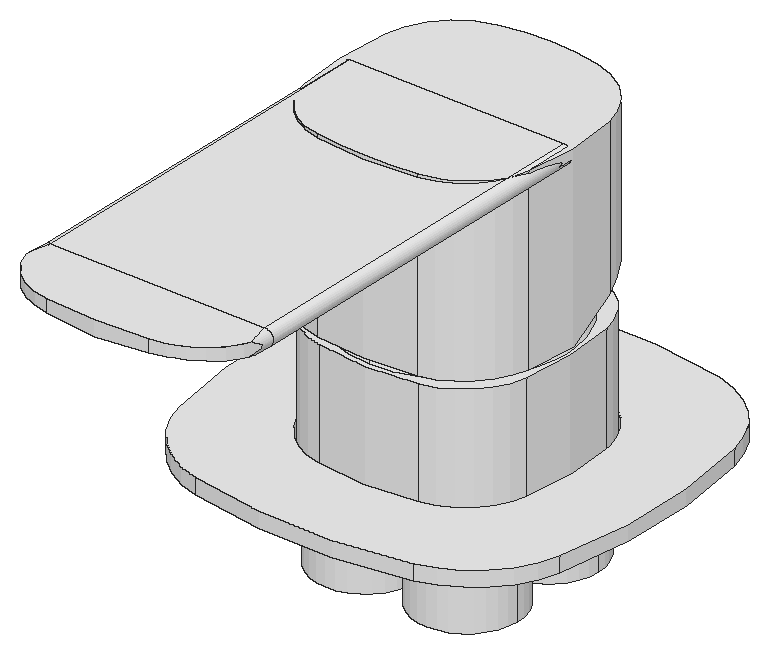
Revit family "Mixer-Bath Shower-Caroma Contura1", category Plumbing Fixtures, host Face, Revit 2014
Parameters (values of type "Standard")
  Width_ANZRS = 62 mm  # constant formula
  Waste Connection = no
  WELSRating_ANZRS = ""
  Vent Connection = no
  URL = "http://specify.caroma.com.au"
  Type Comments = "Caroma Contura Bath/Shower Mixer"  # constant formula
  ModifiedIssue_ANZRS = 20151016.01  # constant formula
  Model = "99585C"  # constant formula
  Material_ANZRS = Metal-Chrome-Caroma
  Manufacturer = "GWA Bathrooms & Kitchens"  # constant formula
  Length_ANZRS = 80 mm  # constant formula
  Height_ANZRS = 130 mm  # constant formula
  HWFU = 3
  HW Connection = yes
  Description = ""
  Default Elevation = 1000 mm
  CreatedBy_ANZRS = "Design Content"  # constant formula
  CreatedByURL_ANZRS = "http://www.designcontent.com.au"
  Cost = 0
  Connector Radius = 10 mm
  CWFU = 3
  CW Connection = yes
  Assembly Code = "C1030210"
Reference planes
  plane 1 "Center (Front/Back)": y = 0
  plane 2: z = 0
  plane 3 "Center (Left/Right)": x = 0
  plane 4 "Left": x = -40
  plane 5 "Right": x = 40
  plane 6 "Top": y = 40.003
  plane 7 "Bottom": y = -89.997
Forms (mm)
  Extrusion 1, solid, material "Metal-Chrome-Caroma" <- "Material_ANZRS"
    sketch origin (17.071, -2.929, 0) x (1, 0, 0) y (0, 1, 0)
      loop
        circle (-7.071, -7.071) r 10
    from -20 to 0
  Extrusion 2, solid, material "Metal-Chrome-Caroma" <- "Material_ANZRS"
    sketch origin (-17.071, -17.071, 0) x (-1, 0, 0) y (0, -1, 0)
      loop
        circle (-7.071, -7.071) r 10
    from -20 to 0
  Extrusion 3, solid, material "Metal-Chrome-Caroma" <- "Material_ANZRS"
    sketch origin (2.929, 2.929, 0) x (-1, 0, 0) y (0, -1, 0)
      loop
        circle (-7.071, -7.071) r 10
    from -20 to 0
  Revolve 4, solid, material "Metal-Chrome-Caroma" <- "Material_ANZRS"
    sketch origin (0, 0, -10.3) x (0, 1, 0) y (0, 0, 1)
      loop
        line (16.053, 45.11) -> (0, 45.11) -> (0, 34.03) -> (21.63, 34.03)
        arc (21.63, 34.03) -> (19.155, 39.728) -> (16.053, 45.11) r 54.999
      axis (0, 45.11) -> (0, 34.03)
    angle from 0 to 360
  Extrusion 5, solid, material "Metal-Chrome-Caroma" <- "Material_ANZRS"
    sketch origin (0, 0, 0) x (1, 0, 0) y (0, 1, 0)
      loop
        arc (-22.136, 9.962) -> (-23, 0) -> (-22.136, -9.962) r 57.891
        arc (-22.136, -9.962) -> (-17.939, -18.015) -> (-9.865, -22.171) r 15
        arc (-9.865, -22.171) -> (0, -23) -> (9.865, -22.171) r 59.077
        arc (9.865, -22.171) -> (17.939, -18.015) -> (22.136, -9.962) r 15
        arc (22.136, -9.962) -> (23, 0) -> (22.136, 9.962) r 57.891
        arc (22.136, 9.962) -> (17.939, 18.015) -> (9.865, 22.171) r 15
        arc (9.865, 22.171) -> (0, 23) -> (-9.865, 22.171) r 59.077
        arc (-9.865, 22.171) -> (-17.939, 18.015) -> (-22.136, 9.962) r 15
      loop
        arc (-37.644, -21.581) -> (-31.962, -31.949) -> (-21.598, -37.637) r 21.113
        arc (-21.598, -37.637) -> (0, -40.003) -> (21.598, -37.637) r 99.771
        arc (21.598, -37.637) -> (31.962, -31.949) -> (37.644, -21.581) r 21.113
        arc (37.644, -21.581) -> (40, 0) -> (37.644, 21.581) r 100
        arc (37.644, 21.581) -> (31.962, 31.949) -> (21.598, 37.637) r 21.113
        arc (21.598, 37.637) -> (0, 40.003) -> (-21.598, 37.637) r 99.771
        arc (-21.598, 37.637) -> (-31.962, 31.949) -> (-37.644, 21.581) r 21.113
        arc (-37.644, 21.581) -> (-40, 0) -> (-37.644, -21.581) r 100
    from 0 to 3
  Revolve 6, solid, material "Metal-Chrome-Caroma" <- "Material_ANZRS", detail levels fine
    sketch origin (0, 0, -10.3) x (0, 1, 0) y (0, 0, 1)
      loop
        line (23.752, 57.199) -> (22.871, 57.199) -> (22.871, 53.73) -> (24.656, 53.73)
        arc (24.656, 53.73) -> (24.426, 55.522) -> (23.752, 57.199) r 7.111
      axis (24.656, 53.73) -> (22.871, 53.73)
    angle from 0 to 360
  Extrusion 7, solid, material "Metal-Chrome-Caroma" <- "Material_ANZRS"
    sketch origin (0, 0, 0) x (1, 0, 0) y (0, 1, 0)
      loop
        arc (-21.644, 9.876) -> (-22.5, 0) -> (-21.644, -9.876) r 57.391
        arc (-21.644, -9.876) -> (-17.587, -17.661) -> (-9.781, -21.678) r 14.5
        arc (-9.781, -21.678) -> (0, -22.5) -> (9.781, -21.678) r 58.577
        arc (9.781, -21.678) -> (17.587, -17.661) -> (21.644, -9.876) r 14.5
        arc (21.644, -9.876) -> (22.5, 0) -> (21.644, 9.876) r 57.391
        arc (21.644, 9.876) -> (17.587, 17.661) -> (9.781, 21.678) r 14.5
        arc (9.781, 21.678) -> (0, 22.5) -> (-9.781, 21.678) r 58.577
        arc (-9.781, 21.678) -> (-17.587, 17.661) -> (-21.644, 9.876) r 14.5
    from 0 to 23.73
  Extrusion 8, solid, material "Metal-Chrome-Caroma" <- "Material_ANZRS"
    sketch origin (0, 0, 0) x (1, 0, 0) y (0, 1, 0)
      loop
        arc (-22.136, 9.962) -> (-23, 0) -> (-22.136, -9.962) r 57.891
        arc (-22.136, -9.962) -> (-17.939, -18.015) -> (-9.865, -22.171) r 15
        arc (-9.865, -22.171) -> (0, -23) -> (9.865, -22.171) r 59.077
        arc (9.865, -22.171) -> (17.939, -18.015) -> (22.136, -9.962) r 15
        arc (22.136, -9.962) -> (23, 0) -> (22.136, 9.962) r 57.891
        arc (22.136, 9.962) -> (17.939, 18.015) -> (9.865, 22.171) r 15
        arc (9.865, 22.171) -> (0, 23) -> (-9.865, 22.171) r 59.077
        arc (-9.865, 22.171) -> (-17.939, 18.015) -> (-22.136, 9.962) r 15
    from 25.43 to 61.428
  Extrusion 9, void
    sketch origin (0, 0, -10.3) x (0, 1, 0) y (0, 0, 1)
      loop
        line (-2.049, 34.775) -> (25.132, 34.775) -> (25.132, 47.448) -> (-2.049, 34.775)
    from -50 to 50
  Sweep 10, solid, material "Metal-Chrome-Caroma" <- "Material_ANZRS"
    path origin (0, 0, -10.3) x (0, 1, 0) y (0, 0, 1)
      loop
        line (0, 64.73) -> (-74.001, 64.73)
        arc (-74.001, 64.73) -> (-84.022, 66.331) -> (-93.045, 70.976) r 32.157
    profile origin (0, -74.001, 54.43) x (0, 0, -1) y (1, 0, 0)
      loop
        arc (-2.892, -21.508) -> (0, 0) -> (-2.892, 21.508) r 81.419
        arc (-2.892, 21.508) -> (-4.697, 22.75) -> (-6.227, 21.182) r 1.7
        arc (-6.227, 21.182) -> (-6.998, 0) -> (-6.227, -21.182) r 291.282
        arc (-6.227, -21.182) -> (-4.697, -22.75) -> (-2.892, -21.508) r 1.7
  Extrusion 11, void
    sketch origin (0, 0, -10.3) x (1, 0, 0) y (0, 0, 1)
      loop
        arc (-26.43, 70.527) -> (0, 71.728) -> (26.43, 70.527) r 291.282
        line (26.43, 70.527) -> (26.43, 78.734) -> (-26.43, 78.734) -> (-26.43, 70.527)
    from 95.997 to -28.878
  Extrusion 12, void
    sketch origin (0, 0, 0) x (1, 0, 0) y (0, 1, 0)
      loop
        arc (-10.009, -88.858) -> (-19.272, -83.893) -> (-22.999, -74.065) r 14.99
        line (-22.999, -74.065) -> (-27.999, -74.065) -> (-27.999, -95.512) -> (27.999, -95.512) -> (27.999, -74.065) -> (22.999, -74.065)
        arc (22.999, -74.065) -> (19.272, -83.893) -> (10.009, -88.858) r 14.99
        arc (10.009, -88.858) -> (0, -89.529) -> (-10.009, -88.858) r 75.017
    from 50 to 80
Cuts and joins
  Extrusion 9, Extrusion 11 cuts Extrusion 8
  joined: Revolve 4, Extrusion 5, Extrusion 7, Extrusion 8
  Extrusion 11, Extrusion 12 cuts Sweep 10
Lines and regions (mm)
  Masking region 1
    outline origin (0, 0, 0) x (1, 0, 0) y (0, 1, 0)
      loop
        line (-23, -37.275) -> (-23, -73.993)
        arc (-23, -73.993) -> (-19.291, -83.868) -> (-9.999, -88.859) r 15
        arc (-9.999, -88.859) -> (0, -89.529) -> (9.999, -88.859) r 75.017
        arc (9.999, -88.859) -> (19.291, -83.868) -> (23, -73.993) r 15
        line (23, -73.993) -> (23, -37.275)
        arc (23, -37.275) -> (32.465, -31.428) -> (37.644, -21.581) r 21.113
        arc (37.644, -21.581) -> (40, 0) -> (37.644, 21.581) r 100
        arc (37.644, 21.581) -> (31.962, 31.949) -> (21.598, 37.637) r 21.113
        arc (21.598, 37.637) -> (0, 40.003) -> (-21.598, 37.637) r 99.771
        arc (-21.598, 37.637) -> (-31.962, 31.949) -> (-37.644, 21.581) r 21.113
        arc (-37.644, 21.581) -> (-40, 0) -> (-37.644, -21.581) r 100
        arc (-37.644, -21.581) -> (-32.465, -31.428) -> (-23, -37.275) r 21.113
  Masking region 2
    outline origin (0, 0, 0) x (0, 1, 0) y (0, 0, 1)
      loop
        line (40.003, 0) -> (40.003, 3) -> (22.5, 3) -> (22.5, 23.73) -> (21.63, 23.73)
        arc (21.63, 23.73) -> (19.534, 28.648) -> (17.027, 33.369) r 62.531
        line (17.027, 33.369) -> (23, 36.154) -> (23, 60.428)
        arc (23, 60.428) -> (22.707, 61.136) -> (22, 61.428) r 1
        line (22, 61.428) -> (-88.531, 61.428)
        arc (-88.531, 61.428) -> (-89.238, 61.136) -> (-89.531, 60.428) r 1
        line (-89.531, 60.428) -> (-89.531, 59.028)
        arc (-89.531, 59.028) -> (-89.387, 58.513) -> (-88.999, 58.145) r 1
        arc (-88.999, 58.145) -> (-81.76, 55.373) -> (-74.067, 54.43) r 31.871
        line (-74.067, 54.43) -> (-28, 54.43)
        arc (-28, 54.43) -> (-24.464, 52.966) -> (-23, 49.43) r 5
        line (-23, 49.43) -> (-23, 25.43) -> (-20.961, 25.43)
        arc (-20.961, 25.43) -> (-21.302, 24.582) -> (-21.63, 23.73) r 62.531
        line (-21.63, 23.73) -> (-22.5, 23.73) -> (-22.5, 3) -> (-40.003, 3) -> (-40.003, 0) -> (40.003, 0)
  Masking region 3
    outline origin (0, 0, 0) x (1, 0, 0) y (0, 0, 1)
      loop
        line (-40, 0) -> (40, 0) -> (40, 3) -> (22.5, 3) -> (22.5, 23.73) -> (21.644, 23.73)
        arc (21.644, 23.73) -> (21.322, 24.586) -> (20.971, 25.43) r 26.93
        line (20.971, 25.43) -> (23, 25.43) -> (23, 59.594)
        arc (23, 59.594) -> (22.733, 60.273) -> (22.076, 60.591) r 1
        arc (22.076, 60.591) -> (0, 61.428) -> (-22.076, 60.591) r 291.282
        arc (-22.076, 60.591) -> (-22.733, 60.273) -> (-23, 59.594) r 1
        line (-23, 59.594) -> (-23, 25.43) -> (-20.971, 25.43)
        arc (-20.971, 25.43) -> (-21.322, 24.586) -> (-21.644, 23.73) r 26.93
        line (-21.644, 23.73) -> (-22.5, 23.73) -> (-22.5, 3) -> (-40, 3) -> (-40, 0)
  symbolic lines, style "Taps/Mixers"
    curve 1: arc (9.865, 22.171, 0) -> (0, 23, 0) -> (-9.865, 22.171, 0) r 59.077
    curve 2: arc (-9.865, 22.171, 0) -> (-17.939, 18.015, 0) -> (-22.136, 9.962, 0) r 15
    curve 3: arc (-22.136, 9.962, 0) -> (-22.784, 5, 0) -> (-23, 0, 0) r 57.891
    curve 4: arc (23, 0, 0) -> (22.784, 5, 0) -> (22.136, 9.962, 0) r 57.891
    curve 5: arc (22.136, 9.962, 0) -> (17.939, 18.015, 0) -> (9.865, 22.171, 0) r 15
    curve 6: arc (9.999, -88.859, 0) -> (0, -89.529, 0) -> (-9.999, -88.859, 0) r 75.017
    curve 7: line (-23, 0, 0) -> (-23, -73.993, 0)
    curve 8: arc (-23, -73.993, 0) -> (-19.291, -83.868, 0) -> (-9.999, -88.859, 0) r 15
    curve 9: line (23, 0, 0) -> (23, -73.993, 0)
    curve 10: arc (23, -73.993, 0) -> (19.291, -83.868, 0) -> (9.999, -88.859, 0) r 15
    curve 11: line (0, -75.995, 58.034) -> (0, -0.995, 58.034)
    curve 12: arc (0, -88.858, 58.766) -> (0, -82.437, 58.217) -> (0, -75.995, 58.034) r 113.389
    curve 13: line (0, 23, 36.154) -> (0, 0, 25.43)
    curve 14: line (0, -23, 25.43) -> (0, 0, 25.43)
    curve 15: line (0, 22.5, 23.73) -> (0, -22.5, 23.73)
    curve 16: line (0, 40.003, 3) -> (0, -37.637, 3)
    curve 17: line (21.63, 0, 23.73) -> (-13.962, 0, 23.73)
    curve 18: line (-21.63, 0, 23.73) -> (-13.962, 0, 23.73)
    curve 19: spline (23, 0, 25.43) -> (22.993, 0, 25.844) -> (22.973, 0, 26.257) -> (22.939, 0, 26.671) -> (22.891, 0, 27.084) -> (22.83, 0, 27.497) -> (22.755, 0, 27.91) -> (22.667, 0, 28.322) -> (22.565, 0, 28.733) -> (22.449, 0, 29.144) -> (22.32, 0, 29.554) -> (22.178, 0, 29.963) -> (22.022, 0, 30.372)
    curve 20: spline (22.003, 0, 30.364) -> (21.682, 0, 30.986) -> (21.224, 0, 31.592) -> (20.631, 0, 32.177) -> (19.909, 0, 32.735) -> (19.065, 0, 33.262) -> (18.107, 0, 33.753) -> (17.043, 0, 34.203) -> (15.882, 0, 34.608) -> (14.635, 0, 34.965) -> (13.314, 0, 35.27) -> (11.931, 0, 35.521) -> (10.497, 0, 35.715)
    curve 21: spline (10.497, 0, 35.715) -> (8.765, 0, 35.849) -> (7.023, 0, 35.958) -> (5.274, 0, 36.044) -> (3.519, 0, 36.105) -> (1.761, 0, 36.141) -> (0, 0, 36.154) -> (-1.761, 0, 36.141) -> (-3.519, 0, 36.105) -> (-5.274, 0, 36.044) -> (-7.023, 0, 35.958) -> (-8.765, 0, 35.849) -> (-10.497, 0, 35.715)
    curve 22: spline (-10.497, 0, 35.715) -> (-11.931, 0, 35.521) -> (-13.314, 0, 35.27) -> (-14.635, 0, 34.965) -> (-15.882, 0, 34.608) -> (-17.043, 0, 34.203) -> (-18.107, 0, 33.753) -> (-19.065, 0, 33.262) -> (-19.909, 0, 32.735) -> (-20.631, 0, 32.177) -> (-21.224, 0, 31.592) -> (-21.682, 0, 30.986) -> (-22.003, 0, 30.364)
    curve 23: spline (-22.022, 0, 30.372) -> (-22.178, 0, 29.963) -> (-22.32, 0, 29.554) -> (-22.449, 0, 29.144) -> (-22.565, 0, 28.733) -> (-22.667, 0, 28.322) -> (-22.755, 0, 27.91) -> (-22.83, 0, 27.497) -> (-22.891, 0, 27.084) -> (-22.939, 0, 26.671) -> (-22.973, 0, 26.257) -> (-22.993, 0, 25.844) -> (-23, 0, 25.43)
    curve 24: spline (-20.916, 0, 25.427) -> (-20.417, 0, 26.481) -> (-19.63, 0, 27.504) -> (-18.567, 0, 28.48) -> (-17.243, 0, 29.399) -> (-15.675, 0, 30.245) -> (-13.885, 0, 31.009) -> (-11.896, 0, 31.68) -> (-9.737, 0, 32.249) -> (-7.436, 0, 32.707) -> (-5.024, 0, 33.049) -> (-2.534, 0, 33.271) -> (0, 0, 33.369)
    curve 25: spline (20.916, 0, 25.427) -> (20.417, 0, 26.481) -> (19.63, 0, 27.504) -> (18.567, 0, 28.48) -> (17.243, 0, 29.399) -> (15.675, 0, 30.245) -> (13.885, 0, 31.009) -> (11.896, 0, 31.68) -> (9.737, 0, 32.249) -> (7.436, 0, 32.707) -> (5.024, 0, 33.049) -> (2.534, 0, 33.271) -> (0, 0, 33.369)
    curve 26: line (22.5, 0, 3) -> (-22.5, 0, 3)
Dimensions and locks
  aligned and locked: plane 2 to host face
  aligned and locked: level to host face
Connectors
  piping at (10, -10, -20), diameter 20, driven by "Connector Radius", driven by "CWFU"
    settings: on Extrusion 1, index 3, connector inside diameter 0.7874", connector length 0 mm, flow factor 0, pipe flow 0 GPM, pressure drop 0.00 psi, fitting loss kfactor 0, connector angle 0.00°, fixture units 3, engagement length 0 mm, angle of deflection 0.00°, flow configuration 3, flow direction 1, fitting loss method 101, system type 20, joint type 0, gender type 0, connector reference index -1, connector utility 0, adjustable connector no, is connector primary yes, connector description "Cold Inlet"
  piping at (-10, -10, -20), diameter 20, driven by "Connector Radius", driven by "HWFU"
    settings: on Extrusion 2, index 4, connector inside diameter 0.7874", connector length 0 mm, flow factor 0, pipe flow 0 GPM, pressure drop 0.00 psi, fitting loss kfactor 0, connector angle 0.00°, fixture units 3, engagement length 0 mm, angle of deflection 0.00°, flow configuration 3, flow direction 1, fitting loss method 101, system type 19, joint type 0, gender type 0, connector reference index -1, connector utility 0, adjustable connector no, is connector primary no, connector description "Hot Inlet"
  piping at (10, 10, -20), diameter 20, driven by "Connector Radius", driven by "HWFU"
    settings: on Extrusion 3, index 6, connector inside diameter 0.7874", connector length 0 mm, flow factor 0, pipe flow 0 GPM, pressure drop 0.00 psi, fitting loss kfactor 0, connector angle 0.00°, fixture units 3, engagement length 0 mm, angle of deflection 0.00°, flow configuration 3, flow direction 2, fitting loss method 101, system type 19, joint type 0, gender type 0, connector reference index -1, connector utility 0, adjustable connector no, is connector primary no, connector description "Bath Outlet"
